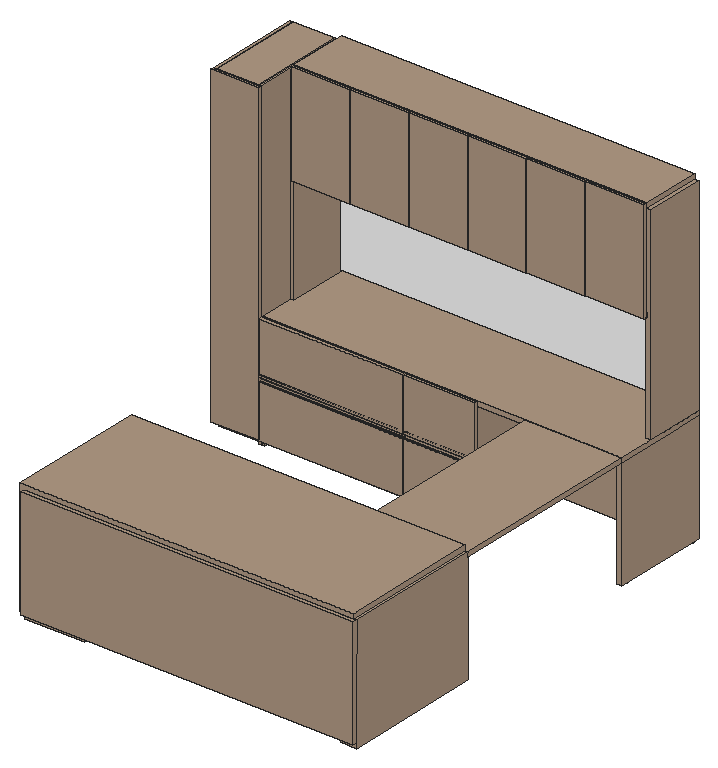
Revit family "T100005", category Furniture, Revit 2013
Parameters (values of type "T100005")
  Width = 102"
  URL = "http://www.ofsbrands.com/"
  Top Core Material = OFS BRANDS SLATE Top Core Wood
  Tool Rail Material = OFS BRANDS SLATE Tool Rail Metal
  Roll Material = OFS BRANDS SLATE Roll Plastic
  Pull Material = OFS BRANDS SLATE Pull Metal
  Model = "T100005"
  Manufacturer = "OFS"
  Lock Material = OFS BRANDS SLATE Lock Metal
  Height = 81 13/16"
  Glides Material = OFS BRANDS SLATE Glide Plastic
  Drawer Front Material = OFS BRANDS SLATE Drawer Front Wood
  Description = "OFS BRANDS OFS SLATE TYPICAL T100005"
  Depth = 108"
  Copyright © = "© 2018 OFS BRANDS"
  Chassis Material = OFS BRANDS SLATE Chassis Wood
  Catalog = "http://ofsbrands.com/products/casegoods/private-office/slate"
  Grommet  Material = OFS BRANDS SLATE Grommet Metal
  Back Coverage Material = OFS BRANDS SLATE Back Coverage Plastic
  Authoring Version = "Autodesk Revit Architecture 2013"
  Assembly Code = "E2020200"
Reference planes (in)
  plane 1 "Center (Front/Back)": y = 0
  plane 2: z = 0
  plane 3 "Center (Left/Right)": x = 0
Forms (in)
  Extrusion 1, solid, material "OFS BRANDS SLATE Chassis Wood" <- "Chassis Material"
    sketch origin (48.03995, -41.23231, 457.72219) x (0, -1, 0) y (0, 0, -1)
      loop
        line (11.58017, 457.27219) -> (-23.23233, 457.27219) -> (-23.23233, 428.52219) -> (11.58017, 428.52219) -> (11.58017, 457.27219)
    from -1.03995 to 2.96005
  Revolve 2, solid, material "OFS BRANDS SLATE Glide Plastic" <- "Glides Material"
    sketch origin (31.49937, -20.95104, 0.19832) x (-1, 0, 0) y (0, 0, -1)
      loop
        line (-17.50584, -0.25168) -> (-17.50584, 0.19831) -> (-17.75606, 0.19831)
        arc (-17.75606, 0.19831) -> (-17.8819, 0.07247) -> (-17.75606, -0.05337) r 0.12584
        line (-17.75606, -0.05337) -> (-17.75606, -0.25168) -> (-17.50584, -0.25168)
      axis (-17.50584, -0.25168) -> (-17.50584, 0.19831)
    angle from 0 to 360
  Revolve 3, solid, material "OFS BRANDS SLATE Glide Plastic" <- "Glides Material"
    sketch origin (31.49938, -49.86143, 0.19832) x (-1, 0, 0) y (0, 0, 1)
      loop
        line (-17.50584, 0.25168) -> (-17.75606, 0.25168) -> (-17.75606, 0.05337)
        arc (-17.75606, 0.05337) -> (-17.8819, -0.07247) -> (-17.75606, -0.19831) r 0.12584
        line (-17.75606, -0.19831) -> (-17.50584, -0.19831) -> (-17.50584, 0.25168)
      axis (-17.50584, 0.25168) -> (-17.50584, -0.19831)
    angle from 0 to 360
  Extrusion 4, solid, material "OFS BRANDS SLATE Top Core Wood" <- "Top Core Material"
    sketch origin (39.00001, -52.8125, 0) x (-1, 0, 0) y (0, 0, -1)
      loop
        line (72.00001, -1.7) -> (70.9375, -1.7) -> (70.9375, -29.2) -> (-11.24999, -29.2) -> (-11.24999, -30.3875) -> (72, -30.3875) -> (72.00001, -1.7)
    from -34.81249 to 0
  Extrusion 5, solid, material "OFS BRANDS SLATE Chassis Wood" <- "Chassis Material"
    sketch origin (-10.96364, -52.5, 0) x (1, 0, 0) y (0, 0, -1)
      loop
        line (61.96364, -1.7) -> (-20.97386, -1.7) -> (-20.97386, -29.2) -> (61.96364, -29.2) -> (61.96364, -1.7)
    from -1.49998 to -0.3125
  Extrusion 6, solid, material "OFS BRANDS SLATE Top Core Wood" <- "Top Core Material"
    sketch origin (-22.30221, 124.96634, 0) x (1, 0, 0) y (0, 1, 0)
      loop
        line (49.30221, -94.96634) -> (49.30221, -142.96634) -> (73.30221, -142.96634) -> (73.30221, -94.96634) -> (49.30221, -94.96634)
    from 28.0125 to 29.2
  Extrusion 7, solid, material "OFS BRANDS SLATE Top Core Wood" <- "Top Core Material"
    sketch origin (-28.30224, -64.96637, 0) x (1, 0, 0) y (0, 1, 0)
      loop
        line (-10.69771, 94.96634) -> (79.30228, 94.96634) -> (79.30228, 118.96634) -> (-10.69771, 118.96634) -> (-10.69771, 94.96634)
    from 28.0125 to 29.2
  Extrusion 8, solid, material "OFS BRANDS SLATE Chassis Wood" <- "Chassis Material"
    sketch origin (-9.6147, -37.4143, 70.0625) x (1, 0, 0) y (0, 1, 0)
      loop
        line (-28.36748, 76.41428) -> (59.6147, 76.41428) -> (59.6147, 91.4143) -> (-28.36748, 91.4143) -> (-28.36748, 76.41428)
    from 10.68749 to 11.75
  Extrusion 9, solid, material "OFS BRANDS SLATE Chassis Wood" <- "Chassis Material"
    sketch origin (-9.6147, -37.4143, 45.25) x (1, 0, 0) y (0, 1, 0)
      loop
        line (-28.1978, 76.4143) -> (59.6147, 76.4143) -> (59.6147, 90.6643) -> (-28.1978, 90.6643) -> (-28.1978, 76.4143)
    from 11 to 12.1875
  Extrusion 10, solid, material "OFS BRANDS SLATE Back Coverage Plastic" <- "Back Coverage Material"
    sketch origin (26.82794, 54.43751, 29.2) x (-1, 0, 0) y (0, 0, 1)
      loop
        line (64.64044, 0.55) -> (64.64044, 51.55) -> (-22.98456, 51.55) -> (-22.98456, 0.55) -> (64.64044, 0.55)
    from -1.1875 to -0.4375
  Extrusion 11, solid, material "OFS BRANDS SLATE Drawer Front Wood" <- "Drawer Front Material"
    sketch origin (32.99993, 26.3361, 36.4745) x (0, -1, 0) y (0, 0, -1)
      loop
        line (-11.82728, -19.77549) -> (-12.13907, -19.77549) -> (-12.57729, -20.21372) -> (-12.57727, -45.27549) -> (-11.82728, -45.27549) -> (-11.82728, -19.77549)
    from 2.43757 to 17.00007
  Extrusion 12, solid, material "OFS BRANDS SLATE Chassis Wood" <- "Chassis Material"
    sketch origin (50.99992, 27.0861, 29.4745) x (0, -1, 0) y (0, 0, -1)
      loop
        line (-11.9139, 0.2745) -> (-26.9139, 0.2745) -> (-26.9139, -51.163) -> (-11.9139, -51.163) -> (-11.9139, 0.2745)
    from -1.18742 to 0
  Extrusion 13, solid, material "OFS BRANDS SLATE Drawer Front Wood" <- "Drawer Front Material"
    sketch origin (18.31244, 26.33611, 36.4745) x (0, -1, 0) y (0, 0, -1)
      loop
        line (-11.82728, -19.77549) -> (-12.13907, -19.77549) -> (-12.57729, -20.21372) -> (-12.57727, -45.27549) -> (-11.82728, -45.27549) -> (-11.82728, -19.77549)
    from 2.43757 to 17.00007
  Extrusion 14, solid, material "OFS BRANDS SLATE Drawer Front Wood" <- "Drawer Front Material"
    sketch origin (3.62494, 26.33611, 36.4745) x (0, -1, 0) y (0, 0, -1)
      loop
        line (-11.82728, -19.77549) -> (-12.13907, -19.77549) -> (-12.57729, -20.21372) -> (-12.57727, -45.27549) -> (-11.82728, -45.27549) -> (-11.82728, -19.77549)
    from 2.43757 to 17.00007
  Extrusion 15, solid, material "OFS BRANDS SLATE Drawer Front Wood" <- "Drawer Front Material"
    sketch origin (-11.06256, 26.33611, 36.4745) x (0, -1, 0) y (0, 0, -1)
      loop
        line (-11.82728, -19.77549) -> (-12.13907, -19.77549) -> (-12.57729, -20.21372) -> (-12.57727, -45.27549) -> (-11.82728, -45.27549) -> (-11.82728, -19.77549)
    from 2.43757 to 17.00007
  Extrusion 16, solid, material "OFS BRANDS SLATE Drawer Front Wood" <- "Drawer Front Material"
    sketch origin (-25.75006, 26.3361, 36.4745) x (0, -1, 0) y (0, 0, -1)
      loop
        line (-11.82728, -19.77549) -> (-12.13907, -19.77549) -> (-12.57729, -20.21372) -> (-12.57727, -45.27549) -> (-11.82728, -45.27549) -> (-11.82728, -19.77549)
    from 2.43757 to 17.00007
  Extrusion 17, solid, material "OFS BRANDS SLATE Drawer Front Wood" <- "Drawer Front Material"
    sketch origin (-40.43757, 26.3361, 36.4745) x (0, -1, 0) y (0, 0, -1)
      loop
        line (-11.82728, -19.77549) -> (-12.13907, -19.77549) -> (-12.57729, -20.21372) -> (-12.57727, -45.27549) -> (-11.82728, -45.27549) -> (-11.82728, -19.77549)
    from 2.43757 to 17.00007
  Extrusion 18, solid, material "OFS BRANDS SLATE Chassis Wood" <- "Chassis Material"
    sketch origin (-38.00007, 27.0861, 29.4745) x (0, -1, 0) y (0, 0, -1)
      loop
        line (-11.9139, 0.2745) -> (-26.9139, 0.2745) -> (-26.9139, -51.163) -> (-11.9139, -51.163) -> (-11.9139, 0.2745)
    from -0.99992 to 0.01788
  Extrusion 19, solid, material "OFS BRANDS SLATE Chassis Wood" <- "Chassis Material"
    sketch origin (-38.99999, 27.08605, 29.4745) x (0, -1, 0) y (0, 0, -1)
      loop
        line (-2.9139, 29.0245) -> (-26.9139, 29.0245) -> (-26.9139, -51.22549) -> (-2.9139, -51.22549) -> (-2.9139, 29.0245)
    from -0.75 to 0
  Extrusion 20, solid, material "OFS BRANDS SLATE Chassis Wood" <- "Chassis Material"
    sketch origin (-50.24999, 27.08605, 29.4745) x (0, -1, 0) y (0, 0, -1)
      loop
        line (-2.9139, 27.7745) -> (-26.9139, 27.7745) -> (-26.9139, -51.22549) -> (-2.9139, -51.22549) -> (-2.9139, 27.7745)
    from -0.75 to 0
  Extrusion 21, solid, material "OFS BRANDS SLATE Chassis Wood" <- "Chassis Material"
    sketch origin (-99.61461, -37.41435, 68.95) x (1, 0, 0) y (0, 1, 0)
      loop
        line (49.36462, 67.4143) -> (59.86462, 67.4143) -> (59.86462, 91.4143) -> (49.36462, 91.4143) -> (49.36462, 67.4143)
    from 11 to 11.75
  Revolve 22, solid, material "OFS BRANDS SLATE Glide Plastic" <- "Glides Material"
    sketch origin (-32.10324, 32.2504, 0.19832) x (1, 0, 0) y (0, 0, 1)
      loop
        line (-17.50584, 0.25168) -> (-17.75606, 0.25168) -> (-17.75606, 0.05337)
        arc (-17.75606, 0.05337) -> (-17.8819, -0.07247) -> (-17.75606, -0.19831) r 0.12584
        line (-17.75606, -0.19831) -> (-17.50584, -0.19831) -> (-17.50584, 0.25168)
      axis (-17.50584, 0.25168) -> (-17.50584, -0.19831)
    angle from 0 to 360
  Revolve 23, solid, material "OFS BRANDS SLATE Glide Plastic" <- "Glides Material"
    sketch origin (-22.88504, 32.2504, 0.19832) x (1, 0, 0) y (0, 0, 1)
      loop
        line (-17.50584, 0.25168) -> (-17.75606, 0.25168) -> (-17.75606, 0.05337)
        arc (-17.75606, 0.05337) -> (-17.8819, -0.07247) -> (-17.75606, -0.19831) r 0.12584
        line (-17.75606, -0.19831) -> (-17.50584, -0.19831) -> (-17.50584, 0.25168)
      axis (-17.50584, 0.25168) -> (-17.50584, -0.19831)
    angle from 0 to 360
  Revolve 24, solid, material "OFS BRANDS SLATE Glide Plastic" <- "Glides Material"
    sketch origin (-32.10324, 52.62452, 0.19832) x (1, 0, 0) y (0, 0, 1)
      loop
        line (-17.50584, 0.25168) -> (-17.75606, 0.25168) -> (-17.75606, 0.05337)
        arc (-17.75606, 0.05337) -> (-17.8819, -0.07247) -> (-17.75606, -0.19831) r 0.12584
        line (-17.75606, -0.19831) -> (-17.50584, -0.19831) -> (-17.50584, 0.25168)
      axis (-17.50584, 0.25168) -> (-17.50584, -0.19831)
    angle from 0 to 360
  Revolve 25, solid, material "OFS BRANDS SLATE Glide Plastic" <- "Glides Material"
    sketch origin (-22.88504, 52.62452, 0.19832) x (1, 0, 0) y (0, 0, 1)
      loop
        line (-17.50584, 0.25168) -> (-17.75606, 0.25168) -> (-17.75606, 0.05337)
        arc (-17.75606, 0.05337) -> (-17.8819, -0.07247) -> (-17.75606, -0.19831) r 0.12584
        line (-17.75606, -0.19831) -> (-17.50584, -0.19831) -> (-17.50584, 0.25168)
      axis (-17.50584, 0.25168) -> (-17.50584, -0.19831)
    angle from 0 to 360
  Extrusion 26, solid, material "OFS BRANDS SLATE Drawer Front Wood" <- "Drawer Front Material"
    sketch origin (8.82143, 30.31244, 43.6875) x (1, 0, 0) y (0, 0, -1)
      loop
        line (-59.75899, -36.95) -> (-47.88385, -36.95) -> (-47.88385, 41.92501) -> (-59.75899, 41.92501) -> (-59.75899, -36.95)
    from -1.0625 to -0.3125
  Extrusion 27, solid, material "OFS BRANDS SLATE Chassis Wood" <- "Chassis Material"
    sketch origin (-25.44323, 54.31245, 0) x (-1, 0, 0) y (0, 0, 1)
      loop
        line (24.80677, 1.7) -> (24.80677, 79.95) -> (14.30677, 79.95) -> (14.30677, 1.7) -> (24.80677, 1.7)
    from -1.0625 to -0.3125
  Revolve 28, solid, material "OFS BRANDS SLATE Glide Plastic" <- "Glides Material"
    sketch origin (-57.89672, 32.25039, 0.19832) x (-1, 0, 0) y (0, 0, -1)
      loop
        line (-17.50584, -0.25168) -> (-17.50584, 0.19831) -> (-17.75606, 0.19831)
        arc (-17.75606, 0.19831) -> (-17.8819, 0.07247) -> (-17.75606, -0.05337) r 0.12584
        line (-17.75606, -0.05337) -> (-17.75606, -0.25168) -> (-17.50584, -0.25168)
      axis (-17.50584, -0.25168) -> (-17.50584, 0.19831)
    angle from 0 to 360
  Revolve 29, solid, material "OFS BRANDS SLATE Glide Plastic" <- "Glides Material"
    sketch origin (-57.89672, 52.62452, 0.19832) x (-1, 0, 0) y (0, 0, -1)
      loop
        line (-17.50584, -0.25168) -> (-17.50584, 0.19831) -> (-17.75606, 0.19831)
        arc (-17.75606, 0.19831) -> (-17.8819, 0.07247) -> (-17.75606, -0.05337) r 0.12584
        line (-17.75606, -0.05337) -> (-17.75606, -0.25168) -> (-17.50584, -0.25168)
      axis (-17.50584, -0.25168) -> (-17.50584, 0.19831)
    angle from 0 to 360
  Revolve 30, solid, material "OFS BRANDS SLATE Glide Plastic" <- "Glides Material"
    sketch origin (-67.12015, 32.25039, 0.19832) x (-1, 0, 0) y (0, 0, -1)
      loop
        line (-17.50584, -0.25168) -> (-17.50584, 0.19831) -> (-17.75606, 0.19831)
        arc (-17.75606, 0.19831) -> (-17.8819, 0.07247) -> (-17.75606, -0.05337) r 0.12584
        line (-17.75606, -0.05337) -> (-17.75606, -0.25168) -> (-17.50584, -0.25168)
      axis (-17.50584, -0.25168) -> (-17.50584, 0.19831)
    angle from 0 to 360
  Revolve 31, solid, material "OFS BRANDS SLATE Glide Plastic" <- "Glides Material"
    sketch origin (-67.12015, 52.62453, 0.19832) x (-1, 0, 0) y (0, 0, -1)
      loop
        line (-17.50584, -0.25168) -> (-17.50584, 0.19831) -> (-17.75606, 0.19831)
        arc (-17.75606, 0.19831) -> (-17.8819, 0.07247) -> (-17.75606, -0.05337) r 0.12584
        line (-17.75606, -0.05337) -> (-17.75606, -0.25168) -> (-17.50584, -0.25168)
      axis (-17.50584, -0.25168) -> (-17.50584, 0.19831)
    angle from 0 to 360
  Extrusion 32, solid, material "OFS BRANDS SLATE Chassis Wood" <- "Chassis Material"
    sketch origin (-57.61461, -37.41434, -26.3125) x (1, 0, 0) y (0, 1, 0)
      loop
        line (7.36462, 67.4143) -> (17.86462, 67.4143) -> (17.86462, 90.60181) -> (7.36462, 90.60181) -> (7.36462, 67.4143)
    from 28.0125 to 29.26251
  Extrusion 33, solid, material "OFS BRANDS SLATE Chassis Wood" <- "Chassis Material"
    sketch origin (-3.61462, -37.41431, -27.56251) x (1, 0, 0) y (0, 1, 0)
      loop
        line (1.36462, 68.2893) -> (17.86462, 68.2893) -> (17.86462, 90.66426) -> (1.36462, 90.66426) -> (1.36462, 68.2893)
    from 28.0125 to 29.26251
  Extrusion 34, solid, material "OFS BRANDS SLATE Drawer Front Wood" <- "Drawer Front Material"
    sketch origin (62.88385, 30.22587, 43.6875) x (1, 0, 0) y (0, 0, -1)
      loop
        line (-65.75885, 14.55) -> (-47.88385, 14.55) -> (-47.88385, 41.92501) -> (-65.75885, 41.92501) -> (-65.75885, 14.55)
    from -1.0625 to -0.3125
  Extrusion 35, void
    sketch origin (15, 30.22587, 71.875) x (0, 0, 1) y (0, 1, 0)
      loop
        line (-55.89375, -1.0625) -> (-55.89375, -0.96003)
        arc (-55.89375, -0.96003) -> (-55.64811, -0.71439) -> (-55.89375, -0.46875) r 0.24564
        line (-55.89375, -0.46875) -> (-56.39375, -0.46875) -> (-56.39375, -0.3125) -> (-56.51876, -0.3125) -> (-56.51876, -0.46875) -> (-57.01876, -0.46875)
        arc (-57.01876, -0.46875) -> (-57.2644, -0.71439) -> (-57.01876, -0.96003) r 0.24564
        line (-57.01876, -0.96003) -> (-57.01876, -1.0625) -> (-55.89375, -1.0625)
    from 0 to 53.87499
  Extrusion 36, solid, material "OFS BRANDS SLATE Drawer Front Wood" <- "Drawer Front Material"
    sketch origin (44.88385, 30.22587, 43.6875) x (1, 0, 0) y (0, 0, -1)
      loop
        line (-83.75884, 14.55) -> (-47.88385, 14.55) -> (-47.88385, 41.92501) -> (-83.75884, 41.92501) -> (-83.75884, 14.55)
    from -1.0625 to -0.3125
  Extrusion 37, solid, material "OFS BRANDS SLATE Chassis Wood" <- "Chassis Material"
    sketch origin (-38.24999, 27.08605, 29.4745) x (0, -1, 0) y (0, 0, -1)
      loop
        line (-2.9139, 29.0245) -> (-26.9139, 29.0245) -> (-26.9139, 1.462) -> (-2.9139, 1.462) -> (-2.9139, 29.0245)
    from -0.75 to 0
  Extrusion 38, solid, material "OFS BRANDS SLATE Chassis Wood" <- "Chassis Material"
    sketch origin (-3, 27.08605, 29.4745) x (0, -1, 0) y (0, 0, -1)
      loop
        line (-2.9139, 29.0245) -> (-26.91394, 29.0245) -> (-26.91394, 1.462) -> (-2.9139, 1.462) -> (-2.9139, 29.0245)
    from -0.75 to 0
  Extrusion 39, solid, material "OFS BRANDS SLATE Chassis Wood" <- "Chassis Material"
    sketch origin (-2.25, 27.08605, 29.4745) x (0, -1, 0) y (0, 0, -1)
      loop
        line (-2.9139, 29.0245) -> (-26.91394, 29.0245) -> (-26.91394, 1.462) -> (-2.9139, 1.462) -> (-2.9139, 29.0245)
    from -0.75 to 0
  Extrusion 40, solid, material "OFS BRANDS SLATE Chassis Wood" <- "Chassis Material"
    sketch origin (15, 27.08605, 29.4745) x (0, -1, 0) y (0, 0, -1)
      loop
        line (-2.9139, 29.0245) -> (-26.91394, 29.0245) -> (-26.91394, 1.462) -> (-2.9139, 1.462) -> (-2.9139, 29.0245)
    from -0.75 to 0
  Extrusion 41, solid, material "OFS BRANDS SLATE Chassis Wood" <- "Chassis Material"
    sketch origin (15.75, 27.08605, 29.4745) x (0, -1, 0) y (0, 0, -1)
      loop
        line (-23.66394, 29.0245) -> (-26.91394, 29.0245) -> (-26.91394, 1.462) -> (-23.66394, 1.462) -> (-23.66394, 29.0245)
    from -0.75 to 0
  Extrusion 42, solid, material "OFS BRANDS SLATE Chassis Wood" <- "Chassis Material"
    sketch origin (-13.44323, 54.31245, -1.25) x (-1, 0, 0) y (0, 0, 1)
      loop
        line (24.80677, 1.7) -> (24.80677, 29.2625) -> (-9.69322, 29.2625) -> (-9.69322, 1.7) -> (24.80677, 1.7)
    from -1.0625 to -0.3125
  Extrusion 43, solid, material "OFS BRANDS SLATE Chassis Wood" <- "Chassis Material"
    sketch origin (22.55676, 54.31245, -1.25) x (-1, 0, 0) y (0, 0, 1)
      loop
        line (24.80677, 1.7) -> (24.80677, 29.2625) -> (8.30677, 29.2625) -> (8.30677, 1.7) -> (24.80677, 1.7)
    from -1.0625 to -0.3125
  Extrusion 44, solid, material "OFS BRANDS SLATE Chassis Wood" <- "Chassis Material"
    sketch origin (49.8125, 27.08605, 29.4745) x (0, -1, 0) y (0, 0, -1)
      loop
        line (-23.66394, 29.0245) -> (-26.91394, 29.0245) -> (-26.91394, 1.462) -> (-23.66394, 1.462) -> (-23.66394, 29.0245)
    from -0.75 to 0
  Extrusion 45, solid, material "OFS BRANDS SLATE Chassis Wood" <- "Chassis Material"
    sketch origin (50.5625, 27.08605, 29.4745) x (0, -1, 0) y (0, 0, -1)
      loop
        line (-2.91395, 29.0245) -> (-26.91394, 29.0245) -> (-26.91394, 1.462) -> (-2.91394, 1.462) -> (-2.91395, 29.0245)
    from -0.75 to 0.4375
  Extrusion 46, solid, material "OFS BRANDS SLATE Chassis Wood" <- "Chassis Material"
    sketch origin (39.80677, 51.06249, -1.25) x (-1, 0, 0) y (0, 0, 1)
      loop
        line (24.80677, 1.7) -> (24.80677, 15.7) -> (-10.00573, 15.7) -> (-10.00573, 1.7) -> (24.80677, 1.7)
    from -1.0625 to -0.3125
  Extrusion 47, solid, material "OFS BRANDS SLATE Chassis Wood" <- "Chassis Material"
    sketch origin (39.80677, 51.06249, 12.875) x (-1, 0, 0) y (0, 0, 1)
      loop
        line (24.80677, 1.7) -> (24.80677, 14.3875) -> (-10.00573, 14.3875) -> (-10.00573, 1.7) -> (24.80677, 1.7)
    from -1.0625 to -0.3125
  Extrusion 48, solid, material "OFS BRANDS SLATE Chassis Wood" <- "Chassis Material"
    sketch origin (-21.61462, -37.41431, -27.56251) x (1, 0, 0) y (0, 1, 0)
      loop
        line (-16.63537, 68.2893) -> (17.86462, 68.2893) -> (17.86462, 90.66426) -> (-16.63537, 90.66426) -> (-16.63537, 68.2893)
    from 28.0125 to 29.26251
  Extrusion 49, solid, material "OFS BRANDS SLATE Chassis Wood" <- "Chassis Material"
    sketch origin (-57.61461, -37.41431, -27.56251) x (1, 0, 0) y (0, 1, 0)
      loop
        line (7.36462, 68.2893) -> (17.86462, 68.2893) -> (17.86462, 90.66426) -> (7.36462, 90.66426) -> (7.36462, 68.2893)
    from 28.0125 to 29.26251
  Extrusion 50, solid, material "OFS BRANDS SLATE Chassis Wood" <- "Chassis Material"
    sketch origin (-3.61462, -37.41431, -26.3125) x (1, 0, 0) y (0, 1, 0)
      loop
        line (1.36462, 67.32769) -> (17.86462, 67.32769) -> (17.86462, 90.66426) -> (1.36462, 90.66426) -> (1.36462, 67.32769)
    from 28.0125 to 29.26251
  Extrusion 51, solid, material "OFS BRANDS SLATE Chassis Wood" <- "Chassis Material"
    sketch origin (-21.61462, -37.41431, -26.3125) x (1, 0, 0) y (0, 1, 0)
      loop
        line (-16.63537, 67.32768) -> (17.86462, 67.32768) -> (17.86462, 90.66426) -> (-16.63537, 90.66426) -> (-16.63537, 67.32768)
    from 28.0125 to 29.26251
  Revolve 52, solid, material "OFS BRANDS SLATE Glide Plastic" <- "Glides Material"
    sketch origin (-36.8319, -20.95104, 0.19832) x (-1, 0, 0) y (0, 0, -1)
      loop
        line (-17.50584, -0.25168) -> (-17.50584, 0.19831) -> (-17.75606, 0.19831)
        arc (-17.75606, 0.19831) -> (-17.8819, 0.07247) -> (-17.75606, -0.05337) r 0.12584
        line (-17.75606, -0.05337) -> (-17.75606, -0.25168) -> (-17.50584, -0.25168)
      axis (-17.50584, -0.25168) -> (-17.50584, 0.19831)
    angle from 0 to 360
  Revolve 53, solid, material "OFS BRANDS SLATE Glide Plastic" <- "Glides Material"
    sketch origin (-11.79311, -20.95104, 0.19832) x (1, 0, 0) y (0, 0, 1)
      loop
        line (-17.50584, 0.25168) -> (-17.75606, 0.25168) -> (-17.75606, 0.05337)
        arc (-17.75606, 0.05337) -> (-17.8819, -0.07247) -> (-17.75606, -0.19831) r 0.12584
        line (-17.75606, -0.19831) -> (-17.50584, -0.19831) -> (-17.50584, 0.25168)
      axis (-17.50584, 0.25168) -> (-17.50584, -0.19831)
    angle from 0 to 360
  Revolve 54, solid, material "OFS BRANDS SLATE Glide Plastic" <- "Glides Material"
    sketch origin (-35.70403, -51.43706, 0.19832) x (-1, 0, 0) y (0, 0, 1)
      loop
        line (-17.50584, 0.25168) -> (-17.75606, 0.25168) -> (-17.75606, 0.05337)
        arc (-17.75606, 0.05337) -> (-17.8819, -0.07247) -> (-17.75606, -0.19831) r 0.12584
        line (-17.75606, -0.19831) -> (-17.50584, -0.19831) -> (-17.50584, 0.25168)
      axis (-17.50584, 0.25168) -> (-17.50584, -0.19831)
    angle from 0 to 360
  Revolve 55, solid, material "OFS BRANDS SLATE Glide Plastic" <- "Glides Material"
    sketch origin (-12.92098, -51.43706, 0.19832) x (1, 0, 0) y (0, 0, -1)
      loop
        line (-17.50584, -0.25168) -> (-17.50584, 0.19831) -> (-17.75606, 0.19831)
        arc (-17.75606, 0.19831) -> (-17.8819, 0.07247) -> (-17.75606, -0.05337) r 0.12584
        line (-17.75606, -0.05337) -> (-17.75606, -0.25168) -> (-17.50584, -0.25168)
      axis (-17.50584, -0.25168) -> (-17.50584, 0.19831)
    angle from 0 to 360
  Revolve 56, solid, material "OFS BRANDS SLATE Glide Plastic" <- "Glides Material"
    sketch origin (32.90041, 32.25565, 0.19832) x (-1, 0, 0) y (0, 0, -1)
      loop
        line (-17.50584, -0.25168) -> (-17.50584, 0.19831) -> (-17.75606, 0.19831)
        arc (-17.75606, 0.19831) -> (-17.8819, 0.07247) -> (-17.75606, -0.05337) r 0.12584
        line (-17.75606, -0.05337) -> (-17.75606, -0.25168) -> (-17.50584, -0.25168)
      axis (-17.50584, -0.25168) -> (-17.50584, 0.19831)
    angle from 0 to 360
  Revolve 57, solid, material "OFS BRANDS SLATE Glide Plastic" <- "Glides Material"
    sketch origin (32.89519, 52.62456, 0.19832) x (-1, 0, 0) y (0, 0, 1)
      loop
        line (-17.50584, 0.25168) -> (-17.75606, 0.25168) -> (-17.75606, 0.05337)
        arc (-17.75606, 0.05337) -> (-17.8819, -0.07247) -> (-17.75606, -0.19831) r 0.12584
        line (-17.75606, -0.19831) -> (-17.50584, -0.19831) -> (-17.50584, 0.25168)
      axis (-17.50584, 0.25168) -> (-17.50584, -0.19831)
    angle from 0 to 360
  Revolve 58, solid, material "OFS BRANDS SLATE Glide Plastic" <- "Glides Material"
    sketch origin (-3.90196, 52.62455, 0.19832) x (-1, 0, 0) y (0, 0, 1)
      loop
        line (-17.50584, 0.25168) -> (-17.75606, 0.25168) -> (-17.75606, 0.05337)
        arc (-17.75606, 0.05337) -> (-17.8819, -0.07247) -> (-17.75606, -0.19831) r 0.12584
        line (-17.75606, -0.19831) -> (-17.50584, -0.19831) -> (-17.50584, 0.25168)
      axis (-17.50584, 0.25168) -> (-17.50584, -0.19831)
    angle from 0 to 360
  Revolve 59, solid, material "OFS BRANDS SLATE Glide Plastic" <- "Glides Material"
    sketch origin (-19.12016, 52.62455, 0.19832) x (-1, 0, 0) y (0, 0, 1)
      loop
        line (-17.50584, 0.25168) -> (-17.75606, 0.25168) -> (-17.75606, 0.05337)
        arc (-17.75606, 0.05337) -> (-17.8819, -0.07247) -> (-17.75606, -0.19831) r 0.12584
        line (-17.75606, -0.19831) -> (-17.50584, -0.19831) -> (-17.50584, 0.25168)
      axis (-17.50584, 0.25168) -> (-17.50584, -0.19831)
    angle from 0 to 360
  Revolve 60, solid, material "OFS BRANDS SLATE Glide Plastic" <- "Glides Material"
    sketch origin (-3.90196, 32.25043, 0.19832) x (-1, 0, 0) y (0, 0, 1)
      loop
        line (-17.50584, 0.25168) -> (-17.75606, 0.25168) -> (-17.75606, 0.05337)
        arc (-17.75606, 0.05337) -> (-17.8819, -0.07247) -> (-17.75606, -0.19831) r 0.12584
        line (-17.75606, -0.19831) -> (-17.50584, -0.19831) -> (-17.50584, 0.25168)
      axis (-17.50584, 0.25168) -> (-17.50584, -0.19831)
    angle from 0 to 360
  Revolve 61, solid, material "OFS BRANDS SLATE Glide Plastic" <- "Glides Material"
    sketch origin (-19.12015, 32.25043, 0.19832) x (-1, 0, 0) y (0, 0, 1)
      loop
        line (-17.50584, 0.25168) -> (-17.75606, 0.25168) -> (-17.75606, 0.05337)
        arc (-17.75606, 0.05337) -> (-17.8819, -0.07247) -> (-17.75606, -0.19831) r 0.12584
        line (-17.75606, -0.19831) -> (-17.50584, -0.19831) -> (-17.50584, 0.25168)
      axis (-17.50584, 0.25168) -> (-17.50584, -0.19831)
    angle from 0 to 360
  Revolve 62, solid, material "OFS BRANDS SLATE Glide Plastic" <- "Glides Material"
    sketch origin (13.12016, 52.62455, 0.19832) x (1, 0, 0) y (0, 0, -1)
      loop
        line (-17.50584, -0.25168) -> (-17.50584, 0.19831) -> (-17.75606, 0.19831)
        arc (-17.75606, 0.19831) -> (-17.8819, 0.07247) -> (-17.75606, -0.05337) r 0.12584
        line (-17.75606, -0.05337) -> (-17.75606, -0.25168) -> (-17.50584, -0.25168)
      axis (-17.50584, -0.25168) -> (-17.50584, 0.19831)
    angle from 0 to 360
  Revolve 63, solid, material "OFS BRANDS SLATE Glide Plastic" <- "Glides Material"
    sketch origin (13.12015, 32.25043, 0.19832) x (1, 0, 0) y (0, 0, -1)
      loop
        line (-17.50584, -0.25168) -> (-17.50584, 0.19831) -> (-17.75606, 0.19831)
        arc (-17.75606, 0.19831) -> (-17.8819, 0.07247) -> (-17.75606, -0.05337) r 0.12584
        line (-17.75606, -0.05337) -> (-17.75606, -0.25168) -> (-17.50584, -0.25168)
      axis (-17.50584, -0.25168) -> (-17.50584, 0.19831)
    angle from 0 to 360
  Revolve 64, solid, material "OFS BRANDS SLATE Glide Plastic" <- "Glides Material"
    sketch origin (-20.09803, 52.62454, 0.19832) x (1, 0, 0) y (0, 0, -1)
      loop
        line (-17.50584, -0.25168) -> (-17.50584, 0.19831) -> (-17.75606, 0.19831)
        arc (-17.75606, 0.19831) -> (-17.8819, 0.07247) -> (-17.75606, -0.05337) r 0.12584
        line (-17.75606, -0.05337) -> (-17.75606, -0.25168) -> (-17.50584, -0.25168)
      axis (-17.50584, -0.25168) -> (-17.50584, 0.19831)
    angle from 0 to 360
  Revolve 65, solid, material "OFS BRANDS SLATE Glide Plastic" <- "Glides Material"
    sketch origin (-20.09804, 32.25042, 0.19832) x (1, 0, 0) y (0, 0, -1)
      loop
        line (-17.50584, -0.25168) -> (-17.50584, 0.19831) -> (-17.75606, 0.19831)
        arc (-17.75606, 0.19831) -> (-17.8819, 0.07247) -> (-17.75606, -0.05337) r 0.12584
        line (-17.75606, -0.05337) -> (-17.75606, -0.25168) -> (-17.50584, -0.25168)
      axis (-17.50584, -0.25168) -> (-17.50584, 0.19831)
    angle from 0 to 360
  Revolve 66, solid, material "OFS BRANDS SLATE Glide Plastic" <- "Glides Material"
    sketch origin (-57.90195, 52.62454, 0.19832) x (-1, 0, 0) y (0, 0, 1)
      loop
        line (-17.50584, 0.25168) -> (-17.75606, 0.25168) -> (-17.75606, 0.05337)
        arc (-17.75606, 0.05337) -> (-17.8819, -0.07247) -> (-17.75606, -0.19831) r 0.12584
        line (-17.75606, -0.19831) -> (-17.50584, -0.19831) -> (-17.50584, 0.25168)
      axis (-17.50584, 0.25168) -> (-17.50584, -0.19831)
    angle from 0 to 360
  Revolve 67, solid, material "OFS BRANDS SLATE Glide Plastic" <- "Glides Material"
    sketch origin (-57.90194, 32.25042, 0.19832) x (-1, 0, 0) y (0, 0, 1)
      loop
        line (-17.50584, 0.25168) -> (-17.75606, 0.25168) -> (-17.75606, 0.05337)
        arc (-17.75606, 0.05337) -> (-17.8819, -0.07247) -> (-17.75606, -0.19831) r 0.12584
        line (-17.75606, -0.19831) -> (-17.50584, -0.19831) -> (-17.50584, 0.25168)
      axis (-17.50584, 0.25168) -> (-17.50584, -0.19831)
    angle from 0 to 360
  Revolve 68, solid, material "OFS BRANDS SLATE Glide Plastic" <- "Glides Material"
    sketch origin (-67.12015, 52.62454, 0.19832) x (-1, 0, 0) y (0, 0, 1)
      loop
        line (-17.50584, 0.25168) -> (-17.75606, 0.25168) -> (-17.75606, 0.05337)
        arc (-17.75606, 0.05337) -> (-17.8819, -0.07247) -> (-17.75606, -0.19831) r 0.12584
        line (-17.75606, -0.19831) -> (-17.50584, -0.19831) -> (-17.50584, 0.25168)
      axis (-17.50584, 0.25168) -> (-17.50584, -0.19831)
    angle from 0 to 360
  Revolve 69, solid, material "OFS BRANDS SLATE Glide Plastic" <- "Glides Material"
    sketch origin (-67.12014, 32.25042, 0.19832) x (-1, 0, 0) y (0, 0, 1)
      loop
        line (-17.50584, 0.25168) -> (-17.75606, 0.25168) -> (-17.75606, 0.05337)
        arc (-17.75606, 0.05337) -> (-17.8819, -0.07247) -> (-17.75606, -0.19831) r 0.12584
        line (-17.75606, -0.19831) -> (-17.50584, -0.19831) -> (-17.50584, 0.25168)
      axis (-17.50584, 0.25168) -> (-17.50584, -0.19831)
    angle from 0 to 360
  Extrusion 70, solid, material "OFS BRANDS SLATE Chassis Wood" <- "Chassis Material"
    sketch origin (-32.48962, 48.5152, -27.56251) x (1, 0, 0) y (0, 1, 0)
      loop
        line (0.67713, -68.20269) -> (0.67713, -101.32769) -> (15.67712, -101.32769) -> (15.67712, -68.20269) -> (0.67713, -68.20269)
    from 28.0125 to 29.26251
  Extrusion 71, solid, material "OFS BRANDS SLATE Drawer Front Wood" <- "Drawer Front Material"
    sketch origin (34.00885, -19.12498, 43.6875) x (1, 0, 0) y (0, 0, 1)
      loop
        line (-65.75885, -14.55) -> (-65.75885, -41.92501) -> (-50.88385, -41.92501) -> (-50.88385, -14.55) -> (-65.75885, -14.55)
    from -1.0625 to -0.3125
  Extrusion 72, void
    sketch origin (-16.875, -19.12498, 71.875) x (0, 0, 1) y (0, 1, 0)
      loop
        line (-55.89375, 1.0625) -> (-57.01876, 1.0625) -> (-57.01876, 0.96003)
        arc (-57.01876, 0.96003) -> (-57.2644, 0.71439) -> (-57.01876, 0.46875) r 0.24564
        line (-57.01876, 0.46875) -> (-56.51876, 0.46875) -> (-56.51876, 0.3125) -> (-56.39375, 0.3125) -> (-56.39375, 0.46875) -> (-55.89375, 0.46875)
        arc (-55.89375, 0.46875) -> (-55.64811, 0.71439) -> (-55.89375, 0.96003) r 0.24564
        line (-55.89375, 0.96003) -> (-55.89375, 1.0625)
    from 0 to 14.875
  Extrusion 73, solid, material "OFS BRANDS SLATE Chassis Wood" <- "Chassis Material"
    sketch origin (-31.0625, -15.98516, 29.4745) x (0, 1, 0) y (0, 0, 1)
      loop
        line (-2.9139, -27.7745) -> (-2.9139, -1.462) -> (-36.82734, -1.462) -> (-36.82734, -27.7745) -> (-2.9139, -27.7745)
    from -0.75 to 0
  Extrusion 74, solid, material "OFS BRANDS SLATE Chassis Wood" <- "Chassis Material"
    sketch origin (-16.8125, -15.98516, 29.4745) x (0, 1, 0) y (0, 0, 1)
      loop
        line (-2.9139, -27.7745) -> (-2.9139, -1.462) -> (-36.82734, -1.462) -> (-36.82734, -27.7745) -> (-2.9139, -27.7745)
    from -0.75 to 0
  Extrusion 75, solid, material "OFS BRANDS SLATE Chassis Wood" <- "Chassis Material"
    sketch origin (-32.48962, 48.5152, -26.3125) x (1, 0, 0) y (0, 1, 0)
      loop
        line (1.36462, -67.32769) -> (1.36462, -101.3277) -> (14.92712, -101.3277) -> (14.92712, -67.32769) -> (1.36462, -67.32769)
    from 28.0125 to 29.26251
Cuts and joins
  Extrusion 35 cuts Extrusion 34
  Extrusion 35 cuts Extrusion 36
  Extrusion 72 cuts Extrusion 71
Dimensions and locks (in)
  aligned and locked: level to plane 2
